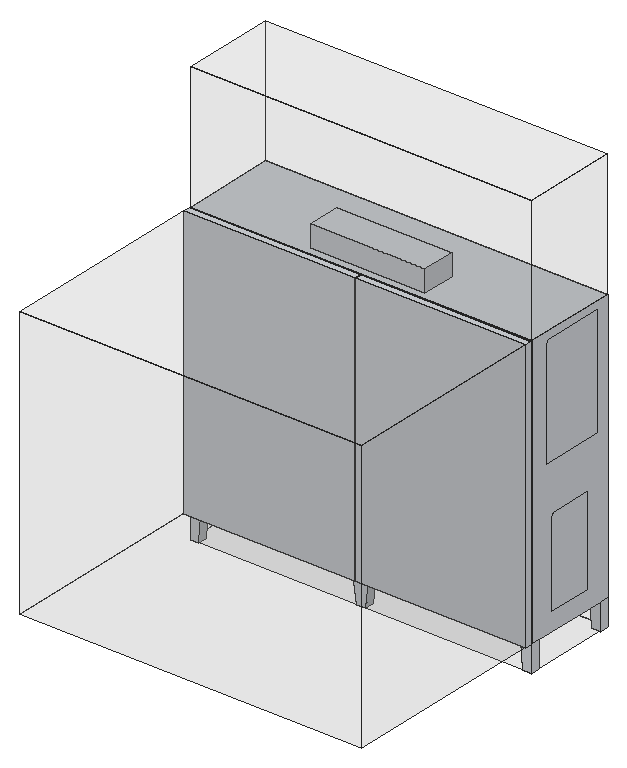
Revit family "AHU 3 _6", category Mechanické zařízení, Revit 2018
Family settings
  Kóta kulaté spojky = Použít průměr
  Typ dílu = Normální
  Číslo OmniClass = 23.75.00.00
  Nadpis OmniClass = Climate Control (HVAC)
  Založené na pracovní rovině = Ne
  Vždy vertikální = Ano
  Ořezat dutým tvarem při načtení = Ne
  Sdílené = Ne
  Bod výpočtu místnosti = Ne
Parameters (values of type "DUPLEXVENT Flexi (3G) DV2300 (RD5)")
  Width [instance] = 0.585 mm
  Weight [instance] = 292.00 kg
  URL = ""
  Type [instance] = "DUPLEXVENT Flexi (3G) DV2300 (RD5)"
  Total_SFP [instance] = 0
  Supply_outlet_hum [instance] = 24.9
  Supply_inlet_hum [instance] = 90
  Supply_ext_pressure [instance] = 200.0 Pa
  Supply_SFP [instance] = 0
  Source_adu_file [instance] = "C:\\\\Users\\\\dgavril\\\\OneDrive - Airflow Developments Ltd\\\\Desktop\\\\adu durley chine V4.adu"
  Recuperation_type [instance] = "Plate heat recovery exchanger"
  Recuperation_efficiency_EN308 [instance] = 82.9
  Project_name [instance] = "Durley Chine Passivhaus"
  Project_date [instance] = "13-08-2021"
  Power_supply_fusing [instance] = "0"
  Power_supply_cable [instance] = "0"
  Position [instance] = "AHU 3 "
  Phases_count [instance] = 1
  Panel_thickness [instance] = 0.06 mm
  Outer_surface [instance] = "RAL 9002"
  Length [instance] = 1.95 mm
  Insulation_type [instance] = "PUR"
  Insulation_thickness [instance] = 0.05 mm
  Installation_environment [instance] = ""
  Input_power_max [instance] = 1660 W
  Inner_surface [instance] = "Pozink"
  I2 [instance] = I1  # 0.0 L/s
  Height [instance] = 1.55 mm
  Exhaust_outlet_hum [instance] = 96.1
  Exhaust_inlet_hum [instance] = 40
  Exhaust_ext_pressure [instance] = 200.0 Pa
  Exhaust_SFP [instance] = 0
  E1 [instance] = E2 - M1  # 0.0 L/s
  E2 [instance] = 0.0 L/s
  I1 [instance] = 0.0 L/s
  Description = ""
  M1 [instance] = 0.0 L/s
  Device_dutypoint_version [instance] = "24"
  Device_design_version [instance] = "84"
  Device_adu_id [instance] = "6"
  Current_max [instance] = 8 A
  Casing_mat [instance] = "painted zinc layer"
  Cable type [instance] = "CYKY 3Jx2,5"
Reference planes
  plane 1 "Střed (vpředu/vzadu)": y = 0
  plane 2 "ref": z = 0
  plane 3 "Střed (vlevo/vpravo)": x = 0
Forms (mm)
  Sweep 1, solid
    path origin (0, 0, 0) x (0, 0, 1) y (1, 0, 0)
      loop
        line (0, 0) -> (1550, 0)
    profile origin (0, 0, 0) x (1, 0, 0) y (0, 1, 0)
      loop
        line (0, 0) -> (1950, 0) -> (1950, 540) -> (0, 540) -> (0, 0)
  Sweep 2, solid
    path origin (0, 0, 0) x (0, 0, 1) y (1, 0, 0)
      loop
        line (0, 0) -> (1550, 0)
    profile origin (0, 0, 0) x (1, 0, 0) y (0, 1, 0)
      loop
        line (0, 0) -> (0, -45) -> (1950, -45) -> (1950, 0) -> (0, 0)
  Sweep 3, solid
    path origin (1, 270, 355) x (0, 1, 0) y (-1, 0, 0)
      loop
        line (0, 0) -> (0, 1)
    profile origin (1, 270, 355) x (0, -1, 0) y (0, 0, 1)
      loop
        line (-125, -250) -> (125, -250) -> (125, 250) -> (-125, 250) -> (-125, -250)
  Sweep 4, solid
    path origin (1949, 287, 1190) x (1, 0, 0) y (0, 1, 0)
      loop
        line (0, 0) -> (1, 0)
    profile origin (1949, 287, 1190) x (0, 1, 0) y (0, 0, 1)
      loop
        line (-177, 315) -> (-177, -315) -> (177, -315) -> (177, 315) -> (-177, 315)
  Sweep 5, solid
    path origin (1949, 270, 355) x (1, 0, 0) y (0, 1, 0)
      loop
        line (0, 0) -> (1, 0)
    profile origin (1949, 270, 355) x (0, 1, 0) y (0, 0, 1)
      loop
        line (-125, 250) -> (-125, -250) -> (125, -250) -> (125, 250) -> (-125, 250)
  Sweep 6, solid
    path origin (1, 287, 1190) x (0, 1, 0) y (-1, 0, 0)
      loop
        line (0, 0) -> (0, 1)
    profile origin (1, 287, 1190) x (0, -1, 0) y (0, 0, 1)
      loop
        line (-177, -315) -> (177, -315) -> (177, 315) -> (-177, 315) -> (-177, -315)
  Sweep 7, solid
    path origin (750, 120, 0) x (0, -1, 0) y (0, 0, 1)
      loop
        line (0, 0) -> (0, -30)
    profile origin (750, 120, 0) x (-1, 0, 0) y (0, -1, 0)
      loop
        circle (0, 0) r 16
  Sweep 8, solid, material "Servisní prostor"
    path origin (0, 0, 0) x (0, 0, 1) y (1, 0, 0)
      loop
        line (0, 0) -> (1550, 0)
    profile origin (0, 0, 0) x (1, 0, 0) y (0, 1, 0)
      loop
        line (0, -1215) -> (1950, -1215) -> (1950, -45) -> (0, -45) -> (0, -1215)
  Sweep 9, solid, material "Servisní prostor"
    path origin (0, 0, 1550) x (0, 0, 1) y (1, 0, 0)
      loop
        line (0, 0) -> (720, 0)
    profile origin (0, 0, 1550) x (1, 0, 0) y (0, 1, 0)
      loop
        line (0, 0) -> (1950, 0) -> (1950, 540) -> (0, 540) -> (0, 0)
  Sweep 10, solid, material "Servisní prostor"
    path origin (0, 0, -150) x (0, 0, 1) y (1, 0, 0)
      loop
        line (0, 0) -> (150, 0)
    profile origin (0, 0, -150) x (1, 0, 0) y (0, 1, 0)
      loop
        line (0, 540) -> (0, 0) -> (1950, 0) -> (1950, 540) -> (0, 540)
  Sweep 11, solid
    path origin (0, 0, 0) x (0, 0, 1) y (1, 0, 0)
      loop
        line (0, 0) -> (1550, 0)
    profile origin (0, 0, 0) x (1, 0, 0) y (0, 1, 0)
      loop
        line (0, -45) -> (975, -45) -> (975, -5) -> (0, -5) -> (0, -45)
  Sweep 12, solid
    path origin (0, 0, 0) x (0, 0, 1) y (1, 0, 0)
      loop
        line (0, 0) -> (1550, 0)
    profile origin (0, 0, 0) x (1, 0, 0) y (0, 1, 0)
      loop
        line (975, -45) -> (1950, -45) -> (1950, -5) -> (975, -5) -> (975, -45)
  Sweep 13, solid
    path origin (25, 50, 0) x (1, 0, 0) y (0, 1, 0)
      loop
        line (0, 0) -> (0, -50)
    profile origin (25, 50, 0) x (1, 0, 0) y (0, 0, 1)
      loop
        line (-25, 0) -> (-25, -150) -> (25, -150) -> (35, 0) -> (-25, 0)
  Sweep 14, solid
    path origin (1925, 50, 0) x (1, 0, 0) y (0, 1, 0)
      loop
        line (0, 0) -> (0, -50)
    profile origin (1925, 50, 0) x (1, 0, 0) y (0, 0, 1)
      loop
        line (-35, 0) -> (-25, -150) -> (25, -150) -> (25, 0) -> (-35, 0)
  Sweep 15, solid
    path origin (25, 540, 0) x (1, 0, 0) y (0, 1, 0)
      loop
        line (0, 0) -> (0, -50)
    profile origin (25, 540, 0) x (1, 0, 0) y (0, 0, 1)
      loop
        line (-25, 0) -> (-25, -150) -> (25, -150) -> (35, 0) -> (-25, 0)
  Sweep 16, solid
    path origin (1925, 540, 0) x (1, 0, 0) y (0, 1, 0)
      loop
        line (0, 0) -> (0, -50)
    profile origin (1925, 540, 0) x (1, 0, 0) y (0, 0, 1)
      loop
        line (-35, 0) -> (-25, -150) -> (25, -150) -> (25, 0) -> (-35, 0)
  Sweep 17, solid
    path origin (975, 50, 0) x (1, 0, 0) y (0, 1, 0)
      loop
        line (0, 0) -> (0, -50)
    profile origin (975, 50, 0) x (1, 0, 0) y (0, 0, 1)
      loop
        line (-45, 0) -> (-25, -150) -> (25, -150) -> (45, 0) -> (-45, 0)
  Sweep 18, solid
    path origin (975, 540, 0) x (1, 0, 0) y (0, 1, 0)
      loop
        line (0, 0) -> (0, -50)
    profile origin (975, 540, 0) x (1, 0, 0) y (0, 0, 1)
      loop
        line (-45, 0) -> (-25, -150) -> (25, -150) -> (45, 0) -> (-45, 0)
  Sweep 19, solid
    path origin (0, 0, 1550) x (0, 0, 1) y (1, 0, 0)
      loop
        line (0, 0) -> (125, 0)
    profile origin (0, 0, 1550) x (1, 0, 0) y (0, 1, 0)
      loop
        line (650, 45) -> (1305, 45) -> (1305, 235) -> (650, 235) -> (650, 45)
  Sweep 20, solid
    path origin (650, 140, 1613) x (0, 0, -1) y (1, 0, 0)
      loop
        line (0, 0) -> (0, -1)
    profile origin (650, 140, 1613) x (0, 0, -1) y (0, -1, 0)
      loop
        circle (0, 0) r 10
Lines and regions (mm)
  model lines, style "Symbol"
    curve 1: line (1000, -45, 0) -> (1000, -45, 310)
    curve 2: line (1000, -45, 1550) -> (1000, -45, 1240)
    curve 3: line (0, -45, 775) -> (535, -45, 775)
    curve 4: line (1950, -45, 775) -> (1465, -45, 775)
    curve 5: line (535, -45, 775) -> (767, -45, 1240)
    curve 6: line (767, -45, 1240) -> (1232, -45, 1240)
    curve 7: line (1232, -45, 1240) -> (1465, -45, 775)
    curve 8: line (1465, -45, 775) -> (1232, -45, 310)
    curve 9: line (1232, -45, 310) -> (1000, -45, 310)
    curve 10: line (1000, -45, 310) -> (767, -45, 310)
    curve 11: line (767, -45, 310) -> (535, -45, 775)
    curve 12: line (1609, -45, 1273) -> (1857, -45, 1231)
    curve 13: line (1609, -45, 1052) -> (1857, -45, 1094)
    curve 14: line (341, -45, 1052) -> (93, -45, 1094)
    curve 15: line (341, -45, 1273) -> (93, -45, 1231)
    curve 16: line (175, -45, 155) -> (175, -45, 620)
    curve 17: line (175, -45, 620) -> (292, -45, 620)
    curve 18: line (292, -45, 620) -> (292, -45, 155)
    curve 19: line (292, -45, 155) -> (175, -45, 155)
    curve 20: line (234, -45, 155) -> (292, -45, 388)
    curve 21: line (234, -45, 620) -> (292, -45, 388)
    curve 22: line (1774, -45, 620) -> (1774, -45, 155)
    curve 23: line (1774, -45, 155) -> (1657, -45, 155)
    curve 24: line (1657, -45, 155) -> (1657, -45, 620)
    curve 25: line (1657, -45, 620) -> (1774, -45, 620)
    curve 26: line (1716, -45, 620) -> (1657, -45, 388)
    curve 27: line (1716, -45, 155) -> (1657, -45, 388)
    curve 28: line (684, -45, 271) -> (472, -45, 686)
    curve 29: line (472, -45, 686) -> (541, -45, 721)
    curve 30: line (541, -45, 721) -> (753, -45, 306)
    curve 31: line (753, -45, 306) -> (684, -45, 271)
    curve 32: line (557, -45, 537) -> (584, -45, 621)
    curve 33: line (641, -45, 371) -> (668, -45, 455)
    curve 34: line (0, -45, 0) -> (975, -45, 0)
    curve 35: line (0, -45, 1550) -> (975, -45, 1550)
    curve 36: line (0, -45, 0) -> (0, -45, 1550)
    curve 37: line (975, -45, 0) -> (975, -45, 1550)
    curve 38: line (0, -45, 0) -> (0, -5, 0)
    curve 39: line (975, -45, 0) -> (975, -5, 0)
    curve 40: line (0, -45, 1550) -> (0, -5, 1550)
    curve 41: line (975, -45, 1550) -> (975, -5, 1550)
    curve 42: line (975, -45, 0) -> (1950, -45, 0)
    curve 43: line (975, -45, 1550) -> (1950, -45, 1550)
    curve 44: line (975, -45, 0) -> (975, -45, 1550)
    curve 45: line (1950, -45, 0) -> (1950, -45, 1550)
    curve 46: line (975, -45, 0) -> (975, -5, 0)
    curve 47: line (1950, -45, 0) -> (1950, -5, 0)
    curve 48: line (975, -45, 1550) -> (975, -5, 1550)
    curve 49: line (1950, -45, 1550) -> (1950, -5, 1550)
    curve 50: circle (1718, -45, 1163) r 155 normal (0, -1, 0)
    curve 51: circle (233, -45, 1163) r 155 normal (0, -1, 0)
    curve 52: circle (570, -45, 579) r 12 normal (0, -1, 0)
    curve 53: circle (655, -45, 413) r 12 normal (0, -1, 0)
Dimensions and locks
  aligned and locked: level to plane 2 "ref"
Connectors
  hvac at (0, 270, 355), driven by "E1"
    settings: on Sweep 3, index 1, duct flow 0.0 L/s, flow factor 0, pres drop 0.0 Pa, loss coef 0, conn angle 0.00°, conn width 250 mm, conn height 500 mm, conn diameter 609.6 mm, duct sys type 1, conn prof type 1, flow config 1, flow direction 1, loss method 0, conn ref index -1, conn util no, is conn primary yes, conn desc ""
  hvac at (1950, 287, 1190), driven by "E2"
    settings: on Sweep 4, index 2, duct flow 0.0 L/s, flow factor 1, pres drop 0.0 Pa, loss coef 0, conn angle 0.00°, conn width 355 mm, conn height 630 mm, conn diameter 609.6 mm, duct sys type 1, conn prof type 1, flow config 2, flow direction 2, loss method 0, conn ref index -1, conn util no, is conn primary no, conn desc ""
  hvac at (1950, 270, 355), driven by "I1"
    settings: on Sweep 5, index 3, duct flow 0.0 L/s, flow factor 1, pres drop 0.0 Pa, loss coef 0, conn angle 0.00°, conn width 250 mm, conn height 500 mm, conn diameter 609.6 mm, duct sys type 3, conn prof type 1, flow config 2, flow direction 1, loss method 0, conn ref index -1, conn util no, is conn primary no, conn desc ""
  hvac at (0, 287, 1190), driven by "I2"
    settings: on Sweep 6, index 4, duct flow 0.0 L/s, flow factor 0, pres drop 0.0 Pa, loss coef 0, conn angle 0.00°, conn width 355 mm, conn height 630 mm, conn diameter 609.6 mm, duct sys type 3, conn prof type 1, flow config 1, flow direction 2, loss method 0, conn ref index -1, conn util no, is conn primary no, conn desc ""
  piping at (750, 120, -30), diameter 22
    settings: on Sweep 7, index 5, connector inside diameter 609.6 mm, connector length 0 mm, flow factor 0, pipe flow 0.0 L/s, pressure drop 0.0 Pa, fitting loss kfactor 0, connector angle 0.00°, fixture units 0, engagement length 0 mm, angle of deflection 0.00°, flow configuration 1, flow direction 2, fitting loss method 0, system type 16, joint type 0, gender type 0, connector reference index -1, connector utility 0, adjustable connector no, is connector primary yes, connector description ""
  electrical at (649, 140, 1613)
    settings: on Sweep 20, index 6, voltage 230 V, apparent load 0 VA, apparent load phase1 0 VA, apparent load phase2 0 VA, apparent load phase3 0 VA, power factor 1, load classification "Další", number of poles 1, system type 31, power factor state 1, is connector primary yes, connector utility no, sub classification motor no, connector description ""
